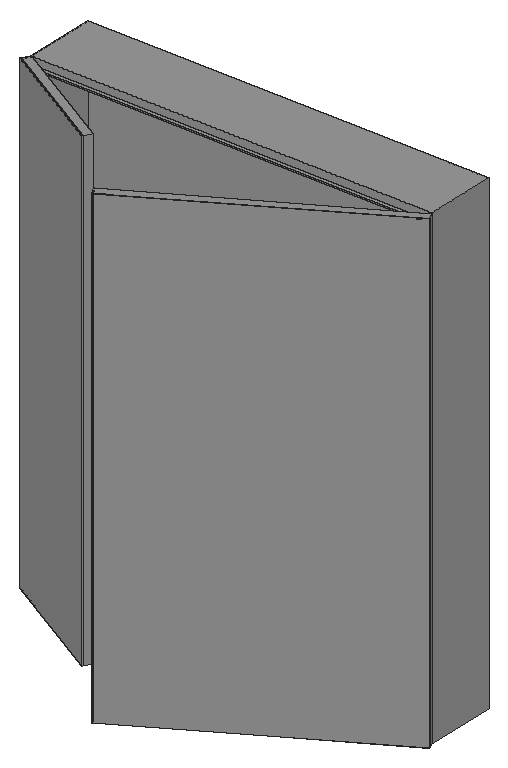
Revit family "Hager-Univers-IP44-D161-Cl.II-FWB-encl--NoHosted-AT-de", category Equipement électrique, Revit 2020
Family settings
  Configuration du panneau = Deux colonnes, circuits au sein
  Cote de connecteur circulaire = Utiliser le diamètre
  Type d'élément = Tableau de raccordement
  Basée sur le plan de construction = Oui
  Toujours verticalement = Oui
  Couper avec des vides une fois chargée = Non
  Partagée = Non
  Point de calcul de pièce = Non
Parameters (values of type "Aufputz IP44 B800 H950 T161  - FWB63D")
  Width Control [instance] = if([EF000008 - Breite] > Min Width, [EF000008 - Breite], Min Width)  # 800 mm
  Commentaires du type = [HG000003 - Bereich]  # "Univers"
  Thickness Door [instance] = if([EF009171 - Materialstärke Tür/Deckel] > 3 mm, 3 mm, [EF009171 - Materialstärke Tür/Deckel])  # 1 mm
  Seal Frame Offset [instance] = 17 mm  # constant formula
  Plinth Visibility [instance] = [HG000027 - Sockelhöhe] > 0 mm  # no
  Min Width [instance] = 100 mm  # constant formula
  Min Depth [instance] = (2 * [EF009170 - Materialstärke Gehäuse]) + 1 mm  # 3 mm
  Min Height [instance] = 100 mm  # constant formula
  Internal Frame Depth [instance] = (Door System Depth * 0.5)  # 9 mm
  Panel Name [instance] = ""  # (empty or 0)
  Model = ""
  HG000027 - Sockelhöhe = 0 mm
  HG000026 - Stehend auf dem Boden = no
  HG000024 - Höhe des unteren Teils = 600 mm
  HG000023 - Gehäuse mit doppeltem Querschnitt = no
  HG000016 - 3D-Türsichtbarkeit [instance] = yes
  HG000015 - Sichtbarkeit der Türöffnung [instance] = no
  HG000014 - Tür rechts [instance] = yes
  HG000013 - Tür links [instance] = not([HG000014 - Tür rechts])  # no
  HG000012 - Türschwenkwinkel [instance] = 30.00°
  HG000010 - Asymmetrische Türen = yes
  HG000009 - Doppelflügeligen Tür = yes
  HG000006 - Unterputz = no
  HG000004 - Herstellerreferenz = "FWB63D"
  HG000003 - Bereich = "Univers"
  HG000002 - Mit tür = yes
  Frame Offset Bottom [instance] = 10 mm  # constant formula
  Frame Offset [instance] = 15 mm  # constant formula
  EF015940 - Deckel mit Überdruckentlastung = no
  EF011959 - Schutzart (NEMA) = ""
  EF009554 - Anzahl der Öffnungen für Flanschplatten = 6
  EF009212 - Ausführung Deckel = "EV000116 - geschlossen"
  EF009171 - Materialstärke Tür/Deckel = 1 mm
  EF009170 - Materialstärke Gehäuse = 1 mm
  EF008873 - Nennstrom (In) = 125 A
  EF007800 - Geeignet für Blitzschutz = no
  EF006306 - Mit Schloss = no
  EF006244 - Transparenter Deckel/Tür = no
  EF005474 - Schutzart (IP) = "EV006418 - IP44"
  EF004464 - Art der Tür = "EV000494 - ohne"
  EF004427 - Anzahl der Module = 216
  EF004293 - Schlagfestigkeit = "EV006815 - IK09"
  EF003532 - Geeignet für Außengebrauch = no
  EF002950 - Breite in Teilungseinheiten = 12
  EF001613 - Funktionserhalt = "EV000494 - ohne"
  EF001596 - Werkstoff des Gehäuses = "EV000179 - Stahl"
  EF001131 - Innentiefe = 156 mm
  EF001088 - Anbaumöglichkeit = yes
  EF000437 - Anzahl der Leitungseinführungen = 12
  EF000339 - Art der Abdeckung = "EV004216 - Tür"
  EF000266 - Anzahl der Reihen = 0
  EF000218 - Einbautiefe = 0 mm
  EF000118 - Mit Montageplatte = no
  EF000116 - RAL-Nummer = "9010"
  EF000049 - Tiefe = 161 mm
  EF000040 - Höhe = 950 mm
  EF000008 - Breite = 800 mm
  EF000007 - Farbe = "EV000202 - weiß"
  EF000003 - Montageart = "EV000384 - Aufputz"
  Door System Leaf Tolerance [instance] = 1.5 mm  # constant formula
  Door System Depth [instance] = 18 mm  # constant formula
  Door Height [instance] = Height Control - [HG000027 - Sockelhöhe]  # 950 mm
  Description = ""
  Default Elevation = 1219.2 mm
  Connector Offset [instance] = Height Control / 2  # 475 mm
  Fabricant = "Hager"  # constant formula
  Height Control [instance] = if([EF000040 - Höhe] > Min Height, [EF000040 - Höhe], Min Height)  # 950 mm
  Depth Control [instance] = if([EF000049 - Tiefe] > Min Depth, [EF000049 - Tiefe], Min Depth)  # 161 mm
  Bottom Top Plate Trim [instance] = 1.5 mm  # constant formula
  Plinth height Ctrl [instance] = if([HG000027 - Sockelhöhe] > 0 mm, [HG000027 - Sockelhöhe], 12 mm)  # 12 mm
Types (21, lengths in mm): name | Width Control | Thickness Door | Min Depth | HG000010 - Asymmetrische Türen | HG000009 - Doppelflügeligen Tür | HG000004 - Herstellerreferenz | EF009554 - Anzahl der Öffnungen für Flanschplatten | EF009212 - Ausführung Deckel | EF009171 - Materialstärke Tür/Deckel | EF009170 - Materialstärke Gehäuse | EF004464 - Art der Tür | EF004427 - Anzahl der Module | EF001131 - Innentiefe | EF000437 - Anzahl der Leitungseinführungen | EF000339 - Art der Abdeckung | EF000266 - Anzahl der Reihen | EF000118 - Mit Montageplatte | EF000040 - Höhe | EF000008 - Breite | Door Height | Connector Offset | Height Control
  Aufputz IP44 B1050 H1100 T161  - FWB74D | 1050 | 1 | 3 | no | yes | "FWB74D" | 8 | "EV000116 - geschlossen" | 1 | 1 | "EV000494 - ohne" | 336 | 160 | 16 | "EV000494 - ohne" | 0 | no | 1100 | 1050 | 1100 | 550 | 1100
  Aufputz IP44 B1050 H500 T161  - FWB34D | 1050 | 1 | 3 | no | yes | "FWB34D" | 8 | "EV000116 - geschlossen" | 1 | 1 | "EV003602 - Doppel" | 144 | 156 | 16 | "EV004216 - Tür" | 0 | no | 500 | 1050 | 500 | 250 | 500
  Aufputz IP44 B1050 H650 T161  - FWB44D | 1050 | 1 | 3 | no | yes | "FWB44D" | 8 | "EV000116 - geschlossen" | 1 | 1 | "EV003602 - Doppel" | 192 | 156 | 16 | "EV004216 - Tür" | 0 | no | 650 | 1050 | 650 | 325 | 650
  Aufputz IP44 B1050 H800 T161  - FWB54D | 1050 | 1 | 3 | no | yes | "FWB54D" | 8 | "EV000116 - geschlossen" | 1 | 1 | "EV002646 - Einzel" | 240 | 156 | 16 | "EV004216 - Tür" | 0 | no | 800 | 1050 | 800 | 400 | 800
  Aufputz IP44 B1050 H950 T161  - FWB64D | 1050 | 1 | 3 | no | yes | "FWB64D" | 8 | "EV000116 - geschlossen" | 1 | 1 | "EV003602 - Doppel" | 288 | 156 | 16 | "EV004216 - Tür" | 0 | no | 950 | 1050 | 950 | 475 | 950
  Aufputz IP44 B300 H1100 T161  - FWB71D | 300 | 1 | 3 | no | no | "FWB71D" | 2 | "EV000116 - geschlossen" | 1 | 1 | "EV000494 - ohne" | 84 | 160 | 4 | "EV004216 - Tür" | 0 | no | 1100 | 300 | 1100 | 550 | 1100
  Aufputz IP44 B300 H1250 T161  - FWB81D | 300 | 1 | 3 | no | no | "FWB81D" | 2 | "EV000116 - geschlossen" | 1 | 1 | "EV000494 - ohne" | 12 | 161 | 4 | "EV004216 - Tür" | 8 | no | 1250 | 300 | 1250 | 625 | 1250
  Aufputz IP44 B300 H500 T161  - FWQ31P | 300 | 2 | 5 | no | no | "FWQ31P" | 2 | "EV009916 - mit Ausschnitt" | 2 | 2 | "EV002646 - Einzel" | 36 | 161 | 4 | "EV001012 - Deckel" | 1 | yes | 500 | 300 | 500 | 250 | 500
  Aufputz IP44 B300 H650 T161  - FWB41D | 300 | 2 | 5 | no | no | "FWB41D" | 2 | "EV000116 - geschlossen" | 2 | 2 | "EV000494 - ohne" | 48 | 160 | 4 | "EV004216 - Tür" | 0 | no | 650 | 300 | 650 | 325 | 650
  Aufputz IP44 B300 H800 T161  - FWB51D | 300 | 1 | 3 | no | no | "FWB51D" | 2 | "EV000116 - geschlossen" | 1 | 1 | "EV000494 - ohne" | 60 | 160 | 4 | "EV004216 - Tür" | 0 | no | 800 | 300 | 800 | 400 | 800
  Aufputz IP44 B300 H950 T161  - FWB61D | 300 | 1 | 3 | no | no | "FWB61D" | 2 | "EV000116 - geschlossen" | 1 | 1 | "EV000494 - ohne" | 72 | 160 | 4 | "EV004216 - Tür" | 0 | no | 950 | 300 | 950 | 475 | 950
  Aufputz IP44 B550 H1100 T161  - FWB72D | 550 | 1 | 3 | no | no | "FWB72D" | 4 | "EV000116 - geschlossen" | 1 | 1 | "EV000494 - ohne" | 168 | 160 | 8 | "EV004216 - Tür" | 0 | no | 1100 | 550 | 1100 | 550 | 1100
  Aufputz IP44 B550 H500 T161  - FWB32D | 550 | 2 | 5 | no | no | "FWB32D" | 4 | "EV000116 - geschlossen" | 2 | 2 | "EV002646 - Einzel" | 72 | 156 | 8 | "EV000494 - ohne" | 0 | no | 500 | 550 | 500 | 250 | 500
  Aufputz IP44 B550 H650 T161  - FWB42D | 550 | 1 | 3 | no | no | "FWB42D" | 4 | "EV000116 - geschlossen" | 1 | 1 | "EV000494 - ohne" | 96 | 160 | 8 | "EV004216 - Tür" | 0 | no | 650 | 550 | 650 | 325 | 650
  Aufputz IP44 B550 H800 T161  - FWB52D | 550 | 1 | 3 | no | no | "FWB52D" | 4 | "EV000116 - geschlossen" | 1 | 1 | "EV000494 - ohne" | 120 | 160 | 8 | "EV004216 - Tür" | 0 | no | 800 | 550 | 800 | 400 | 800
  Aufputz IP44 B550 H950 T161  - FWB62D | 550 | 1 | 3 | no | no | "FWB62D" | 4 | "EV000116 - geschlossen" | 1 | 1 | "EV000494 - ohne" | 144 | 160 | 8 | "EV004216 - Tür" | 0 | no | 950 | 550 | 950 | 475 | 950
  Aufputz IP44 B800 H1100 T161  - FWB73D | 800 | 1 | 3 | yes | yes | "FWB73D" | 6 | "EV000116 - geschlossen" | 1 | 1 | "EV003602 - Doppel" | 252 | 156 | 12 | "EV004216 - Tür" | 0 | no | 1100 | 800 | 1100 | 550 | 1100
  Aufputz IP44 B800 H500 T161  - FWB33D | 800 | 1 | 3 | yes | yes | "FWB33D" | 6 | "EV000116 - geschlossen" | 1 | 1 | "EV000494 - ohne" | 108 | 160 | 12 | "EV004216 - Tür" | 0 | no | 500 | 800 | 500 | 250 | 500
  Aufputz IP44 B800 H650 T161  - FWB43D | 800 | 1 | 5 | yes | yes | "FWB43D" | 6 | "EV009916 - mit Ausschnitt" | 1 | 2 | "EV000494 - ohne" | 144 | 160 | 12 | "EV004216 - Tür" | 0 | no | 650 | 800 | 650 | 325 | 650
  Aufputz IP44 B800 H800 T161  - FWB53D | 800 | 1 | 5 | yes | yes | "FWB53D" | 6 | "EV000116 - geschlossen" | 1 | 2 | "EV000494 - ohne" | 180 | 160 | 12 | "EV004216 - Tür" | 0 | no | 800 | 800 | 800 | 400 | 800
  Aufputz IP44 B800 H950 T161  - FWB63D | 800 | 1 | 3 | yes | yes | "FWB63D" | 6 | "EV000116 - geschlossen" | 1 | 1 | "EV000494 - ohne" | 216 | 156 | 12 | "EV004216 - Tür" | 0 | no | 950 | 800 | 950 | 475 | 950
Reference planes
  plane 1 "Center (Front/Back)": y = 0
  plane 2: z = 0
  plane 3 "Center (Left/Right)": x = 0
  plane 4: y = 0
  plane 5: y = 0
  plane 6: z = 0
  plane 7: x = -400
  plane 8: x = 400
  plane 9: x = 399
  plane 10: x = -399
  plane 11: z = 0
  plane 12: z = 1
  plane 13: y = -161
  plane 14: y = -1
  plane 15: x = 0
  plane 16: y = -143
  plane 17: y = -160
  plane 18: y = -142
  plane 19: x = -384
  plane 20: x = 384
  plane 21: z = 11
  plane 22: x = -383
  plane 23: x = 383
  plane 24: z = 0
  plane 25: z = 950
  plane 26: z = 950
  plane 27: z = 934
  plane 28: z = 949
Forms (mm)
  Extrusion 1, solid, material "Hager_Steel_RAL7035_Light_Grey", detail levels medium+fine
    sketch origin (-208.679, -4572, 0) x (-1, 0, 0) y (0, -1, 0)
      loop
        line (191.321, -4429) -> (-608.679, -4429) -> (-608.679, -4572) -> (191.321, -4572) -> (191.321, -4429)
    from 0 to 950
  Extrusion 2, void
    sketch origin (-350.771, -161, 1219.2) x (1, 0, 0) y (0, 0, 1)
      loop
        line (-48.229, -270.2) -> (-48.229, -1218.2) -> (749.771, -1218.2) -> (749.771, -270.2) -> (-48.229, -270.2)
    from -19 to -160
  Extrusion 3, void
    sketch origin (-290.084, -143, 1219.2) x (1, 0, 0) y (0, 0, 1)
      loop
        line (-93.916, -1208.2) -> (674.084, -1208.2) -> (674.084, -285.2) -> (-93.916, -285.2) -> (-93.916, -1208.2)
    from 0 to -1
  Extrusion 4, solid, material "Hager_Steel_RAL7035_Light_Grey", visible <- "Plinth Visibility", detail levels medium+fine
    sketch origin (0, 0, 0) x (1, 0, 0) y (0, 1, 0)
      loop
        line (-400, 0) -> (-400, -143) -> (400, -143) -> (400, 0) -> (-400, 0)
    from 0 to 12 <- "Plinth height Ctrl"
  Extrusion 5, solid, material "Hager_Steel_RAL7035_Light_Grey", detail levels coarse
    sketch origin (0, 0, 0) x (1, 0, 0) y (0, 1, 0)
      loop
        line (-400, 0) -> (-400, -161) -> (400, -161) -> (400, 0) -> (-400, 0)
    from 0 to 950 <- "Height Control"
  Sweep 6, void
    path in 3D
      loop
        line (-400, -143, 12) -> (400, -143, 12) -> (400, 0, 12) -> (-400, 0, 12) -> (-400, -143, 12)
    profile origin (-400, -71.5, 12) x (1, 0, 0) y (0, 0, 1)
      loop
        line (0, 0) -> (0, -1.5) -> (1.5, -1.5)
        arc (1.5, -1.5) -> (1.061, -0.439) -> (0, 0) r 1.5
  Extrusion 7, solid, material "Hager_Steel_RAL7035_Light_Grey", detail levels fine
    sketch origin (-400, -143, 0) x (1, 0, 0) y (0, 0, 1)
      loop
        line (16, 11) -> (784, 11) -> (784, 934) -> (16, 934) -> (16, 11)
      loop
        line (15, 10) -> (785, 10) -> (785, 935) -> (15, 935) -> (15, 10)
    from 0 to 9 <- "Internal Frame Depth"
Cuts and joins
  Extrusion 2, Extrusion 3 cuts Extrusion 1
  Sweep 6 cuts Extrusion 4
Lines and regions (mm)
  Masking region 1
    outline origin (0, 0, 0) x (1, 0, 0) y (0, 1, 0)
      loop
        line (-400, 0) -> (-400, -161) -> (400, -161) -> (400, 0) -> (-400, 0)
  Masking region 2, detail levels coarse
    outline origin (-290.084, -143, 1219.2) x (-1, 0, 0) y (0, 0, 1)
      loop
        line (-690.084, -1219.2) -> (109.916, -1219.2) -> (109.916, -269.2) -> (-690.084, -269.2) -> (-690.084, -1219.2)
  Masking region 3, detail levels coarse
    outline origin (0, 0, 0) x (0, 1, 0) y (0, 0, 1)
      loop
        line (0, 0) -> (0, 950) -> (-161, 950) -> (-161, 0) -> (0, 0)
  Masking region 4, visible <- "Plinth Visibility", detail levels medium+fine
    outline origin (0, 0, 0) x (0, 1, 0) y (0, 0, 1)
      loop
        line (-1.5, 12) -> (-141.5, 12)
        arc (-141.5, 12) -> (-141.939, 10.939) -> (-143, 10.5) r 1.5
        line (-143, 10.5) -> (-143, 0) -> (0, 0) -> (0, 10.5)
        arc (0, 10.5) -> (-1.061, 10.939) -> (-1.5, 12) r 1.5
  Masking region 5, detail levels medium+fine
    outline origin (0, 0, 594.038) x (0, 1, 0) y (0, 0, 1)
      loop
        line (0, -594.038) -> (0, 355.962) -> (-143, 355.962) -> (-143, -594.038) -> (0, -594.038)
  Masking region 6, detail levels medium+fine
    outline origin (-359.7, -143, 1211.883) x (-1, 0, 0) y (0, 0, 1)
      loop
        line (-759.7, -1211.883) -> (40.3, -1211.883) -> (40.3, -261.883) -> (-759.7, -261.883) -> (-759.7, -1211.883)
  Masking region 7, visible <- "Plinth Visibility", detail levels medium+fine
    outline origin (-320.334, -143, 1041.368) x (-1, 0, 0) y (0, 0, 1)
      loop
        line (-720.334, -1041.368) -> (79.666, -1041.368) -> (79.666, -1030.868)
        arc (79.666, -1030.868) -> (78.606, -1030.429) -> (78.166, -1029.368) r 1.5
        line (78.166, -1029.368) -> (-718.834, -1029.368)
        arc (-718.834, -1029.368) -> (-719.273, -1030.429) -> (-720.334, -1030.868) r 1.5
        line (-720.334, -1030.868) -> (-720.334, -1041.368)
  sketch lines
    curve 1: line (-400, 0, 12) -> (-400, -143, 12)
    curve 2: line (-400, -143, 12) -> (400, -143, 12)
    curve 3: line (400, 0, 12) -> (-400, 0, 12)
    curve 4: line (400, -143, 12) -> (400, 0, 12)
Dimensions and locks
  locked: plane 1 "Center (Front/Back)" to plane 5
  "EF009170 - Materialstärke Gehäuse": plane 7 to plane 10
  "EF009170 - Materialstärke Gehäuse": plane 8 to plane 9
  equal spacing: plane 7, plane 3 "Center (Left/Right)", plane 8
  "Width Control": plane 7 to plane 8
  "Depth Control": plane 4 to plane 13
  "EF009170 - Materialstärke Gehäuse": plane 4 to plane 14
  "Height Control": plane 25 to level
  "HG000027 - Sockelhöhe": plane 11 to level
  "EF009170 - Materialstärke Gehäuse": plane 12 to plane 11
  "EF009170 - Materialstärke Gehäuse": plane 17 to plane 13
  "EF009170 - Materialstärke Gehäuse": plane 18 to plane 16
  "Frame Offset Bottom": plane 21 to plane 12
  "Frame Offset": plane 10 to plane 19
  "Frame Offset": plane 9 to plane 20
  "Door System Depth": plane 16 to plane 13
  "Seal Frame Offset": plane 7 to plane 22
  "Seal Frame Offset": plane 8 to plane 23
  "EF009170 - Materialstärke Gehäuse": plane 26 to plane 28
  "Frame Offset": plane 28 to plane 27
  "Connector Offset": plane 2 to connector elem
  "Bottom Top Plate Trim": profile plane to Sweep 6 sketch curve
  "Bottom Top Plate Trim": Sweep 6 sketch curve to Sweep 6 sketch curve
  "Plinth height Ctrl": Masking region 4 sketch curve to level
  "Plinth height Ctrl": Masking region 7 sketch curve to level
  "Thickness Door": Extrusion 7 sketch curve to Extrusion 7 sketch curve  (x4)
  "Bottom Top Plate Trim": radius of Sweep 6 sketch curve
  "Bottom Top Plate Trim": radius of Masking region 4 sketch curve  (x2)
  "Bottom Top Plate Trim": radius of Masking region 7 sketch curve  (x2)
  aligned and locked: Extrusion 2 sketch curve to plane 12
  aligned and locked: Extrusion 2 sketch curve to plane 9
  aligned and locked: Extrusion 2 sketch curve to plane 10
  aligned and locked: Extrusion 2 to plane 14
  aligned and locked: Extrusion 1 sketch curve to plane 4
  aligned and locked: plane 8 to Extrusion 1 sketch curve
  aligned and locked: plane 7 to Extrusion 1 sketch curve
  aligned and locked: Extrusion 2 to plane 18
  aligned and locked: Extrusion 3 sketch curve to plane 19
  aligned and locked: plane 20 to Extrusion 3 sketch curve
  aligned and locked: Extrusion 3 to Extrusion 2
  aligned and locked: Extrusion 3 sketch curve to plane 21
  aligned and locked: plane 3 "Center (Left/Right)" to nested 1
  aligned and locked: Extrusion 1 sketch curve to plane 16
  aligned and locked: Extrusion 4 sketch curve to cut or joined group of Extrusion 1, Extrusion 2, Extrusion 3
  aligned and locked: Masking region 1 sketch curve to plane 7
  aligned and locked: Masking region 1 sketch curve to plane 5
  aligned and locked: Masking region 1 sketch curve to plane 8
  aligned and locked: Masking region 2 sketch curve to level
  aligned and locked: level to Masking region 3 sketch curve
  aligned and locked: plane 1 "Center (Front/Back)" to Masking region 3 sketch curve
  aligned and locked: plane 13 to Masking region 3 sketch curve
  aligned and locked: plane 5 to Masking region 4 sketch curve
  aligned and locked: Masking region 2 sketch curve to plane 8
  aligned and locked: Masking region 2 sketch curve to plane 7
  aligned and locked: plane 7 to nested 2
  aligned and locked: nested 2 to plane 5
  aligned and locked: plane 5 to Masking region 5 sketch curve
  aligned and locked: plane 26 to Masking region 5 sketch curve
  aligned and locked: Extrusion 5 sketch curve to plane 8
  aligned and locked: Extrusion 5 sketch curve to plane 7
  aligned and locked: Extrusion 5 sketch curve to plane 5
  aligned and locked: Extrusion 3 sketch curve to plane 27
  aligned and locked: Extrusion 2 sketch curve to plane 28
  aligned and locked: Masking region 2 to plane 25
  aligned and locked: Extrusion 4 to plane 16
  aligned and locked: profile plane to Sweep 6 sketch curve
  aligned and locked: Masking region 5 sketch curve to plane 24
  aligned and locked: level to Masking region 4 sketch curve
  aligned and locked: Masking region 1 to plane 13
  aligned and locked: nested 1 to plane 16
  aligned and locked: Masking region 3 to plane 25
  aligned and locked: plane 16 to Masking region 4 sketch curve
  aligned and locked: Masking region 5 sketch curve to plane 16
  aligned and locked: plane 24 to plane 11
  aligned and locked: plane 26 to plane 25
  aligned and locked: plane 26 to cut or joined group of Extrusion 1, Extrusion 2, Extrusion 3
  aligned and locked: nested 1 to plane 24
  aligned and locked: Extrusion 1 to Extrusion 3
  aligned and locked: Masking region 6 sketch curve to plane 8
  aligned and locked: Masking region 6 sketch curve to plane 24
  aligned and locked: Masking region 6 sketch curve to plane 7
  aligned and locked: Masking region 6 sketch curve to plane 26
  aligned and locked: Masking region 7 sketch curve to plane 7
  aligned and locked: level to Masking region 7 sketch curve
  aligned and locked: Masking region 7 sketch curve to plane 8
  aligned and locked: Extrusion 7 sketch curve to cut or joined group of Extrusion 1, Extrusion 2, Extrusion 3  (x4)
Automatic sketch dimensions
  plane 19 to Extrusion 3 sketch curve = 0 mm
  Extrusion 3 sketch curve to plane 20 = 0 mm
  Extrusion 3 sketch curve to plane 21 = 0 mm
  Extrusion 4 sketch curve to plane 7 = 0 mm
  Extrusion 4 sketch curve to plane 8 = 0 mm
  Extrusion 4 sketch curve to plane 16 = 0 mm
  Masking region 1 sketch curve to plane 13 = 0 mm
  Masking region 2 sketch curve to plane 25 = 0 mm
  Masking region 3 sketch curve to plane 25 = 0 mm
  Extrusion 5 sketch curve to plane 13 = 0 mm
  profile plane to Sweep 6 sketch curve = 0 mm
Nested families
  nested 1: "EC000058_Univers_Door" at (0, -143, 0), Double <- "HG000009 - Doppelflügeligen Tür", Transparent <- "EF006244 - Transparenter Deckel/Tür", Angle <- "HG000012 - Türschwenkwinkel", Door_Right <- "HG000014 - Tür rechts", Assymetrical <- "HG000010 - Asymmetrische Türen", Door <- "HG000002 - Mit tür", Width_Ctrl <- "Width Control", 3d_Door <- "HG000016 - 3D-Türsichtbarkeit", Clearance <- "HG000015 - Sichtbarkeit der Türöffnung", Door_Left <- "HG000013 - Tür links", Width <- "Width Control", Door_Depth <- "Door System Depth", Leaf_Tolerance <- "Door System Leaf Tolerance", Height <- "Door Height", Lock_Visibility <- "EF006306 - Mit Schloss", Thickness <- "Thickness Door", type "EC000058_Univers_Door", detail levels medium+fine
    with min_wh 3 mm, Width_Ctrl 800 mm, Width 800 mm, Transparent no, Thickness 1 mm, Seal_Material Hager_Rubber, Lock_Visibility no, Lock_Material Hager_Plastic_RAL9005_Jet_Black, Leaf_Width 800 mm, Leaf_Tolerance_External_Sides 0 mm, Leaf_Tolerance 1.5 mm, Leaf_Offset 0 mm, Leaf_Height 947 mm, Leaf_2_Width 532.583 mm, Leaf_2_Offset 266.292 mm, Leaf_1_Width 265.917 mm, Leaf_1_Offset 132.958 mm, Height_Ctrl 950 mm, Height 950 mm, Glass_Material Hager_Glass, Double_Clearance_Ctrl no, Double yes, Door_Right_Ctrl yes, Door_Right yes, Door_Material Hager_Steel_RAL7035_Light_Grey, Door_Left_Ctrl yes, Door_Left no, Door_Depth 18 mm, Door yes, Clearance_Material Hager_Clearance, Clearance_Depth 532.583 mm, Clearance_Ctrl no, Clearance no, Assymetrical yes, Angle 30.00°, 3d_Door yes
  nested 2: "Hager_Enclosure_Symbol" at (-400, 0, 0), Height <- "Depth Control", Width <- "Width Control", type "Hager_Enclosure_Symbol"
    with Width_Ctrl 800 mm, Width 800 mm, Height_Ctrl 161 mm, Height 161 mm, A_Width_Int 10.566 mm, A_Width 126.788 mm, A_Height_Ctrl 140.875 mm, A_Height 140.875 mm
Connectors
  electrical at (0, 0, 475)
    settings: on plane 1 "Center (Front/Back)", index 1, voltage 0 V, apparent load 0 VA, apparent load phase1 0 VA, apparent load phase2 0 VA, apparent load phase3 0 VA, power factor 1, load classification "Other", number of poles 1, system type 30, power factor state 1, is connector primary yes, connector utility no, sub classification motor no, connector description ""
Definition of nested family "EC000058_Univers_Door"
  Parameters (values of type "EC000058_Univers_Door")
    min_wh [instance] = (2 * Thickness) + 1 mm  # 11 mm
    Width_Ctrl [instance] = 400 mm
    Width [instance] = 500 mm
    Transparent [instance] = yes
    Thickness [instance] = 5 mm
    Seal_Material [instance] = none
    Lock_Visibility [instance] = yes
    Lock_Material [instance] = none
    Leaf_Width [instance] = if((Width_Ctrl - 2 * Leaf_Tolerance_External_Sides) > 0 mm, (Width_Ctrl - 2 * Leaf_Tolerance_External_Sides), min_wh)  # 400 mm
    Leaf_Tolerance_External_Sides [instance] = 0 mm  # constant formula
    Leaf_Tolerance [instance] = 1.5 mm
    Leaf_Offset [instance] = 0 mm  # constant formula
    Leaf_Height [instance] = if((Height_Ctrl - 2 * Leaf_Tolerance) > 0 mm, (Height_Ctrl - 2 * Leaf_Tolerance), min_wh)  # 497 mm
    Leaf_2_Width [instance] = if(and(and(Double, Assymetrical), Door_Left), (Leaf_Width / 3) - (Leaf_Tolerance / 2), if(and(and(Double, Assymetrical), Door_Right), (Leaf_Width / 3) * 2 - (Leaf_Tolerance / 2), if(and(Double, not(Assymetrical)), (Leaf_Width / 2) - Leaf_Tolerance, Leaf_Width)))  # 400 mm
    Leaf_2_Offset [instance] = if(and(Double, Assymetrical), Leaf_2_Width / 2, if(and(Double, not(Assymetrical)), Leaf_Width / 4, Leaf_Width / 2))  # 200 mm
    Leaf_1_Width [instance] = if(and(and(Double, Assymetrical), Door_Right), (Leaf_Width / 3) - (Leaf_Tolerance / 2), if(and(and(Double, Assymetrical), Door_Left), (Width / 3) * 2 - (Leaf_Tolerance / 2), if(and(Double, not(Assymetrical)), (Leaf_Width / 2) - Leaf_Tolerance, Leaf_Width)))  # 400 mm
    Leaf_1_Offset [instance] = if(and(Double, Assymetrical), Leaf_1_Width / 2, if(and(Double, not(Assymetrical)), Leaf_Width / 4, Leaf_Width / 2))  # 200 mm
    Height_Ctrl [instance] = if(Height > min_wh, Height, min_wh)  # 500 mm
    Height [instance] = 500 mm
    Glass_Material [instance] = none
    Double_Clearance_Ctrl [instance] = and(Double, Clearance)  # no
    Double [instance] = no
    Door_Right_Ctrl [instance] = and(or(Door_Right, Double), Door)  # yes
    Door_Right [instance] = yes
    Door_Material [instance] = none
    Door_Left_Ctrl [instance] = and(or(Door_Left, Double), Door)  # no
    Door_Left [instance] = no
    Door_Depth [instance] = 30 mm
    Door [instance] = yes
    Default Elevation = 1219.2 mm
    Clearance_Material [instance] = none
    Clearance_Depth [instance] = if(Leaf_1_Width > Leaf_2_Width, Leaf_1_Width, Leaf_2_Width)  # 400 mm
    Clearance_Ctrl [instance] = and(not(Double), Clearance)  # yes
    Clearance [instance] = yes
    Assymetrical [instance] = yes
    Angle [instance] = 30.00°
    3d_Door [instance] = yes
  Reference planes
    plane 1 "Center (Front/Back)": y = 0
    plane 2 "Bottom": z = 0
    plane 3 "Center (Left/Right)": x = 0
    plane 4: z = 500
    plane 5: x = -200
    plane 6: x = 200
    plane 7: z = 500
    plane 8: x = -200
    plane 9: z = 0
    plane 10: x = 200
    plane 11: y = 0
    plane 12: z = 1.5
    plane 13: x = -600
    plane 14: y = -400
    plane 15: x = 600
    plane 16: x = 0
    plane 17: x = 0
    plane 18: x = -200
    plane 19: x = 200
    plane 20: z = 498.5
  Forms (mm)
    Extrusion 1, solid, material <- "Clearance_Material", visible <- "Double_Clearance_Ctrl"
      sketch origin (1200, 0, 0) x (1, 0, 0) y (0, 0, -1)
        loop
          line (-1800, -498.5) -> (-600, -498.5) -> (-600, 0) -> (-1800, 0) -> (-1800, -498.5)
      from 0 to -400
  Dimensions and locks
    equal spacing: plane 5, plane 3 "Center (Left/Right)", plane 6
    "Width_Ctrl": plane 5 to plane 6
    "Leaf_Offset": plane 5 to plane 8
    "Leaf_Offset": plane 6 to plane 10
    "Leaf_Offset": plane 9 to level
    "Leaf_Offset": plane 4 to plane 7
    "Height_Ctrl": plane 4 to level
    "Leaf_Tolerance": plane 12 to plane 9
    locked: plane 11 to plane 1 "Center (Front/Back)"
    "Leaf_1_Offset": plane 18 to plane 16
    "Leaf_2_Offset": plane 17 to plane 19
    "Leaf_1_Width": plane 13 to plane 8
    "Leaf_2_Width": plane 10 to plane 15
    "Clearance_Depth": plane 14 to plane 1 "Center (Front/Back)"
    "Leaf_Tolerance_External_Sides": plane 8 to plane 18
    "Leaf_Tolerance_External_Sides": plane 19 to plane 10
    "Leaf_Tolerance": plane 7 to plane 20
    aligned and locked: level to plane 2 "Bottom"
    aligned and locked: nested 1 to plane 16
    aligned and locked: nested 2 to plane 17
    aligned and locked: Extrusion 1 to plane 13
    aligned and locked: plane 15 to Extrusion 1
    aligned and locked: Extrusion 1 to plane 14
    aligned and locked: plane 12 to nested 1
    aligned and locked: nested 2 to plane 12
    aligned and locked: Extrusion 1 to plane 11
    aligned and locked: plane 20 to Extrusion 1
    aligned and locked: nested 2 to plane 11
    aligned and locked: nested 1 to plane 11
  Automatic sketch dimensions
    Extrusion 1 sketch curve to level = 0 mm
    plane 5 to Extrusion 1 sketch curve = 400 mm
    plane 6 to Extrusion 1 sketch curve = 400 mm
    Extrusion 1 sketch curve to plane 4 = 1.5 mm
  Nested families
    nested 1: "EC000058_Univers_Door_Leaf" at (0, 0, 1.5), Width <- "Leaf_1_Width", visible <- "Door_Left_Ctrl", Leaf_Height <- "Leaf_Height", Angle <- "Angle", 3d_Door <- "3d_Door", Transparent <- "Transparent", Clearance Material <- "Clearance_Material", Clearance <- "Clearance_Ctrl", Door_Material <- "Door_Material", Glass_Material <- "Glass_Material", Door_Depth <- "Door_Depth", Lock_Material <- "Lock_Material", Seal_Material <- "Seal_Material", Lock_Visibility <- "Lock_Visibility", Thickness <- "Thickness", type "EC000058_Univers_Door_Leaf"
      with Width 400 mm, Transparent_Glass_Offset 30 mm, Transparent_Ctrl yes, Transparent yes, Thickness 5 mm, Standard no, Seal_Material none, Seal_D2 8 mm, Seal_D1 1 mm, Offset_Internal_Frame 10 mm, Lock_Width 20 mm, Lock_Visibility_3d yes, Lock_Visibility yes, Lock_Thickness_3 3 mm, Lock_Thickness_2 1 mm, Lock_Thickness_1 3 mm, Lock_Radius_Offset_2 16 mm, Lock_Radius_Offset_1 15 mm, Lock_Radius_2 5 mm, Lock_Radius 6 mm, Lock_Offset 5 mm, Lock_Material none, Lock_Height 80 mm, Lock_Cover_Top_Offset_2d 17 mm, Lock_Cover_Height -65 mm, Leaf_Height 497 mm, Internal_Seal_Thickness 8 mm, Internal_Seal_Depth_2 4.5 mm, Internal_Frame_Depth 25 mm, Glass_Thickness -1 mm, Glass_Offset -2 mm, Glass_Material none, Door_Material none, Door_Depth 30 mm, Clearance Material none, Clearance yes, Angle_Ctrl 30.00°, Angle 30.00°, 3d_Door yes
    nested 2: "EC000058_Univers_Door_Leaf" at (0, 0, 1.5) x (-1, 0, 0) z (0, 0, 1), Width <- "Leaf_2_Width", visible <- "Door_Right_Ctrl", Leaf_Height <- "Leaf_Height", Angle <- "Angle", 3d_Door <- "3d_Door", Transparent <- "Transparent", Clearance Material <- "Clearance_Material", Clearance <- "Clearance_Ctrl", Door_Material <- "Door_Material", Glass_Material <- "Glass_Material", Door_Depth <- "Door_Depth", Lock_Material <- "Lock_Material", Seal_Material <- "Seal_Material", Lock_Visibility <- "Lock_Visibility", Thickness <- "Thickness", type "EC000058_Univers_Door_Leaf"
      with Width 400 mm, Transparent_Glass_Offset 30 mm, Transparent_Ctrl yes, Transparent yes, Thickness 5 mm, Standard no, Seal_Material none, Seal_D2 8 mm, Seal_D1 1 mm, Offset_Internal_Frame 10 mm, Lock_Width 20 mm, Lock_Visibility_3d yes, Lock_Visibility yes, Lock_Thickness_3 3 mm, Lock_Thickness_2 1 mm, Lock_Thickness_1 3 mm, Lock_Radius_Offset_2 16 mm, Lock_Radius_Offset_1 15 mm, Lock_Radius_2 5 mm, Lock_Radius 6 mm, Lock_Offset 5 mm, Lock_Material none, Lock_Height 80 mm, Lock_Cover_Top_Offset_2d 17 mm, Lock_Cover_Height -65 mm, Leaf_Height 497 mm, Internal_Seal_Thickness 8 mm, Internal_Seal_Depth_2 4.5 mm, Internal_Frame_Depth 25 mm, Glass_Thickness -1 mm, Glass_Offset -2 mm, Glass_Material none, Door_Material none, Door_Depth 30 mm, Clearance Material none, Clearance yes, Angle_Ctrl 30.00°, Angle 30.00°, 3d_Door yes
  Definition of nested family "EC000058_Univers_Door_Leaf"
    Parameters (values of type "EC000058_Univers_Door_Leaf")
      Width [instance] = 2000 mm
      Transparent_Glass_Offset [instance] = 30 mm
      Transparent_Ctrl [instance] = and(Transparent, [3d_Door])  # yes
      Transparent [instance] = yes
      Thickness [instance] = 5 mm
      Standard [instance] = and(not(Transparent), [3d_Door])  # no
      Seal_Material [instance] = none
      Seal_D2 [instance] = 8 mm  # constant formula
      Seal_D1 [instance] = 1 mm  # constant formula
      Offset_Internal_Frame [instance] = 10 mm  # constant formula
      Lock_Width [instance] = 20 mm  # constant formula
      Lock_Visibility_3d [instance] = and(Lock_Visibility, [3d_Door])  # yes
      Lock_Visibility [instance] = yes
      Lock_Thickness_3 [instance] = 3 mm  # constant formula
      Lock_Thickness_2 [instance] = 1 mm  # constant formula
      Lock_Thickness_1 [instance] = 3 mm  # constant formula
      Lock_Radius_Offset_2 [instance] = Lock_Radius_Offset_1 + 1 mm  # 16 mm
      Lock_Radius_Offset_1 [instance] = 15 mm  # constant formula
      Lock_Radius_2 [instance] = Lock_Radius - 1 mm  # 5 mm
      Lock_Radius [instance] = 6 mm  # constant formula
      Lock_Offset [instance] = 5 mm  # constant formula
      Lock_Material [instance] = none
      Lock_Height [instance] = 80 mm  # constant formula
      Lock_Cover_Top_Offset_2d [instance] = Lock_Radius_Offset_2 + 1 mm  # 17 mm
      Lock_Cover_Height [instance] = -(Lock_Height - Lock_Radius_Offset_1)  # -65 mm
      Leaf_Height [instance] = 2720.336 mm
      Internal_Seal_Thickness [instance] = 8 mm  # constant formula
      Internal_Seal_Depth_2 [instance] = 4.5 mm  # constant formula
      Internal_Frame_Depth [instance] = if(Door_Depth - Thickness > 5 mm, Door_Depth - Thickness, 5 mm)  # 25 mm
      Glass_Thickness [instance] = if(Thickness > 15 mm, Glass_Offset + 10 mm, -1 mm)  # -1 mm
      Glass_Offset [instance] = if(Thickness > 15 mm, -(Thickness + 10 mm) / 2, -2 mm)  # -2 mm
      Glass_Material [instance] = none
      Door_Material [instance] = none
      Door_Depth [instance] = 30 mm
      Default Elevation = 0 mm
      Clearance Material [instance] = none
      Clearance [instance] = yes
      Angle_Ctrl [instance] = if(Angle > 180.00°, 180.00°, Angle)  # 90.00°
      Angle [instance] = 90.00°
      3d_Door [instance] = yes
    Reference planes
      plane 1 "Center (Front/Back)": y = 0
      plane 2: z = 0
      plane 3 "Center (Left/Right)": x = 0
      plane 4: y = 2000
      plane 5: x = -1000
      plane 6: x = 1000
      plane 7: x = -3000
      plane 8: z = 2720.336
      plane 9: z = 30
      plane 10: z = 2690.336
      plane 11: x = 970
      plane 12: x = -970
      plane 13: y = -3
      plane 14: z = 107.833
      plane 15: y = -5
      plane 16: y = -223.314
      plane 17: x = -1000
      plane 18: z = 1360.168
      plane 19: y = 30
    Forms (mm)
      Extrusion 1, solid, material <- "Clearance Material", visible <- "Clearance"
        sketch origin (0, 0, 0) x (1, 0, 0) y (0, 0, 1)
          loop
            line (-3000, 2720.336) -> (-3000, 0) -> (1000, 0) -> (1000, 2720.336) -> (-3000, 2720.336)
        from 0 to -2000
      Extrusion 2, solid, material <- "Door_Material", visible <- "Standard", detail levels medium+fine
        sketch origin (-1000, 0, 0) x (0, 1, 0) y (-1, 0, 0)
          loop
            line (0, 30) -> (0, 25) -> (2000, 25) -> (2000, 30) -> (0, 30)
        from 0 to 2720.336 <- "Leaf_Height"
      Extrusion 3, solid, material <- "Door_Material", visible <- "Transparent_Ctrl", detail levels medium+fine
        sketch origin (-1000, 0, 0) x (0, 1, 0) y (-1, 0, 0)
          loop
            line (0, 25) -> (2000, 25) -> (2000, 30) -> (0, 30) -> (0, 25)
        from 0 to 2720.336 <- "Leaf_Height"
      Extrusion 4, void
        sketch origin (-1025, 2000, 0) x (0, 1, 0) y (0, 0, -1)
          loop
            line (-30, -2690.336) -> (-30, -30) -> (-1970, -30) -> (-1970, -2690.336) -> (-30, -2690.336)
        from 0 to 5 <- "Thickness"
      Sweep 5, solid, material <- "Seal_Material", visible <- "Transparent_Ctrl", detail levels fine
        path in 3D
          loop
            line (-1025, 30, 30) -> (-1025, 30, 2690.336) -> (-1025, 1970, 2690.336) -> (-1025, 1970, 30) -> (-1025, 30, 30)
        profile origin (-1025, 1000, 30) x (1, 0, 0) y (0, 0, 1)
          loop
            line (0, 0) -> (0, -8) -> (1, -8) -> (1, 0) -> (0, 0)
      Extrusion 6, solid, material <- "Glass_Material", visible <- "Transparent_Ctrl", detail levels medium+fine
        sketch origin (-1030, 0, 0) x (0, 1, 0) y (0, 0, -1)
          loop
            line (1970, -2690.336) -> (1970, -30) -> (30, -30) -> (30, -2690.336) -> (1970, -2690.336)
        from -2 <- "Glass_Offset" to -1 <- "Glass_Thickness"
      Extrusion 7, solid, material <- "Door_Material", visible <- "3d_Door", detail levels medium+fine
        sketch origin (-1025, 2000, 0) x (0, -1, 0) y (0, 0, -1)
          loop
            line (0, -2720.336) -> (2000, -2720.336) -> (2000, 0) -> (0, 0) -> (0, -2720.336)
          loop
            line (1995, -5) -> (5, -5) -> (5, -2715.336) -> (1995, -2715.336) -> (1995, -5)
        from 0 to 25 <- "Internal_Frame_Depth"
      Sweep 8, solid, material <- "Seal_Material", visible <- "Transparent_Ctrl", detail levels fine
        path in 3D
          loop
            line (-1025, 0, 0) -> (-1025, 2000, 0) -> (-1025, 2000, 2720.336) -> (-1025, 0, 2720.336) -> (-1025, 0, 0)
        profile origin (-1025, 0, 1360.168) x (1, 0, 0) y (0, 1, 0)
          loop
            line (0, 10) -> (2.975, 10)
            arc (2.975, 10) -> (4.053, 10.447) -> (4.5, 11.525) r 1.525
            line (4.5, 11.525) -> (4.5, 16.527)
            arc (4.5, 16.527) -> (4.069, 17.569) -> (3.027, 18) r 1.473
            line (3.027, 18) -> (0, 18) -> (0, 10)
      Extrusion 9, solid, material <- "Lock_Material", visible <- "Lock_Visibility_3d", detail levels fine
        sketch origin (-1030, 0, 0) x (0, 1, 0) y (0, 0, -1)
          loop
            arc (1993.5, -1400.168) -> (1994.561, -1399.729) -> (1995, -1398.668) r 1.5
            line (1995, -1398.668) -> (1995, -1320.168) -> (1975, -1320.168) -> (1975, -1398.668)
            arc (1975, -1398.668) -> (1975.439, -1399.729) -> (1976.5, -1400.168) r 1.5
            line (1976.5, -1400.168) -> (1993.5, -1400.168)
        from 3 <- "Lock_Thickness_1" to 0
      Blend 10, solid, material <- "Lock_Material", visible <- "Lock_Visibility_3d", detail levels fine
        base sketch origin (-1033, 0, 0) x (0, 1, 0) y (0, 0, -1)
          loop
            line (1975, -1320.168) -> (1975, -1398.668)
            arc (1975, -1398.668) -> (1975.439, -1399.729) -> (1976.5, -1400.168) r 1.5
            line (1976.5, -1400.168) -> (1993.5, -1400.168)
            arc (1993.5, -1400.168) -> (1994.561, -1399.729) -> (1995, -1398.668) r 1.5
            line (1995, -1398.668) -> (1995, -1320.168) -> (1975, -1320.168)
        top sketch origin (-1033, 0, 0) x (0, 1, 0) y (0, 0, -1)
          loop
            line (1976, -1320.168) -> (1976, -1398.668)
            arc (1976, -1398.668) -> (1976.146, -1399.022) -> (1976.5, -1399.168) r 0.5
            line (1976.5, -1399.168) -> (1993.5, -1399.168)
            arc (1993.5, -1399.168) -> (1993.854, -1399.022) -> (1994, -1398.668) r 0.5
            line (1994, -1398.668) -> (1994, -1320.168) -> (1976, -1320.168)
        from 0 to 1 <- "Lock_Thickness_2"
      Blend 11, solid, material <- "Lock_Material", visible <- "Lock_Visibility_3d", detail levels fine
        base sketch origin (-1034, 0, 0) x (0, 1, 0) y (0, 0, -1)
          loop
            line (1978, -1320.168) -> (1978, -1384.168)
            arc (1978, -1384.168) -> (1985, -1391.168) -> (1992, -1384.168) r 7
            line (1992, -1384.168) -> (1992, -1320.168) -> (1978, -1320.168)
        top sketch origin (-1034, 0, 0) x (0, 1, 0) y (0, 0, -1)
          loop
            line (1991, -1320.168) -> (1979, -1320.168) -> (1979, -1383.168)
            arc (1979, -1383.168) -> (1985, -1389.168) -> (1991, -1383.168) r 6
            line (1991, -1383.168) -> (1991, -1320.168)
        from 0 to 3 <- "Lock_Thickness_3"
      Extrusion 12, solid, material <- "Lock_Material", visible <- "Lock_Visibility_3d", detail levels fine
        sketch origin (-1030, 1975, 1320.168) x (1, 0, 0) y (0, -1, 0)
          loop
            line (-7, -19) -> (-7, -1) -> (0, -1) -> (0, 0) -> (-8, 0) -> (-8, -20) -> (0, -20) -> (0, -19) -> (-7, -19)
        from 0 to -65 <- "Lock_Cover_Height"
      Extrusion 13, void
        sketch origin (-1038, 1995, 1320.168) x (-1, 0, 0) y (0, 0, -1)
          loop
            line (-5, -65) -> (0, -65) -> (-5, -60) -> (-5, -65)
        from 0 to 20 <- "Lock_Width"
      Extrusion 14, void
        sketch origin (-1038, 1975, 1320.168) x (0, -1, 0) y (0, 0, -1)
          loop
            circle (-10, -15.995) r 6
          loop
            circle (-10, -15.995) r 5
        from 0 to 2
      Extrusion 15, solid, material <- "Lock_Material", visible <- "Lock_Visibility_3d", detail levels medium
        sketch origin (-1030, 0, 0) x (0, 1, 0) y (0, 0, -1)
          loop
            arc (1993.5, -1400.168) -> (1994.561, -1399.729) -> (1995, -1398.668) r 1.5
            line (1995, -1398.668) -> (1995, -1320.168) -> (1975, -1320.168) -> (1975, -1398.668)
            arc (1975, -1398.668) -> (1975.439, -1399.729) -> (1976.5, -1400.168) r 1.5
            line (1976.5, -1400.168) -> (1993.5, -1400.168)
        from 8 to 0
    Cuts and joins
      Extrusion 4 cuts Extrusion 3
      Extrusion 13, Extrusion 14 cuts Extrusion 9
      Extrusion 14 cuts Blend 11
      Extrusion 13, Extrusion 14 cuts Extrusion 12
      joined: Extrusion 9, Blend 10, Blend 11, Extrusion 12
      Extrusion 14 cuts Extrusion 15
    Lines and regions (mm)
      Masking region 1, visible <- "Lock_Visibility", detail levels fine
        outline origin (0, 0, 0) x (0, 1, 0) y (0, 0, 1)
          loop
            line (30, 1320.168) -> (33, 1320.168) -> (33, 1400.168) -> (30, 1400.168) -> (30, 1320.168)
      Masking region 2, visible <- "Lock_Visibility", detail levels fine
        outline origin (0, 3.143, 0) x (0, 1, 0) y (0, 0, 1)
          loop
            line (29.857, 1354.168) -> (30.857, 1354.168) -> (30.857, 1366.168) -> (29.857, 1366.168) -> (29.857, 1354.168)
      Masking region 3, detail levels medium+fine
        outline origin (0, 0, 0) x (0, 1, 0) y (0, 0, 1)
          loop
            line (0, 0) -> (30, 0) -> (30, 2720.336) -> (0, 2720.336) -> (0, 0)
      Masking region 4, detail levels medium+fine
        outline origin (0, 0, 0) x (1, 0, 0) y (0, 0, 1)
          loop
            line (-1000, 2720.336) -> (-1000, 0) -> (1000, 0) -> (1000, 2720.336) -> (-1000, 2720.336)
      Masking region 5, visible <- "Lock_Visibility", detail levels fine
        outline origin (-47.116, 0, 0) x (1, 0, 0) y (0, 0, 1)
          loop
            arc (1024.616, 1399.168) -> (1023.556, 1398.729) -> (1023.116, 1397.668) r 1.5
            line (1023.116, 1397.668) -> (1023.116, 1320.168) -> (1041.116, 1320.168) -> (1041.116, 1397.668)
            arc (1041.116, 1397.668) -> (1040.677, 1398.729) -> (1039.616, 1399.168) r 1.5
            line (1039.616, 1399.168) -> (1024.616, 1399.168)
      Masking region 6, visible <- "Lock_Visibility", detail levels medium+fine
        outline origin (-25, 0, 0) x (1, 0, 0) y (0, 0, 1)
          loop
            arc (1001.5, 1400.168) -> (1000.439, 1399.729) -> (1000, 1398.668) r 1.5
            line (1000, 1398.668) -> (1000, 1320.168) -> (1020, 1320.168) -> (1020, 1398.668)
            arc (1020, 1398.668) -> (1019.561, 1399.729) -> (1018.5, 1400.168) r 1.5
            line (1018.5, 1400.168) -> (1001.5, 1400.168)
      Masking region 7, visible <- "Lock_Visibility", detail levels fine
        outline origin (-73.735, 0, 0) x (1, 0, 0) y (0, 0, 1)
          loop
            line (1051.735, 1382.168) -> (1065.735, 1382.168) -> (1065.735, 1384.168)
            arc (1065.735, 1384.168) -> (1058.735, 1391.168) -> (1051.735, 1384.168) r 7
            line (1051.735, 1384.168) -> (1051.735, 1382.168)
      Masking region 8, visible <- "Lock_Visibility", detail levels fine
        outline origin (-73.735, 0, 0) x (1, 0, 0) y (0, 0, 1)
          loop
            line (1052.735, 1382.168) -> (1064.735, 1382.168) -> (1064.735, 1383.168)
            arc (1064.735, 1383.168) -> (1058.735, 1389.168) -> (1052.735, 1383.168) r 6
            line (1052.735, 1383.168) -> (1052.735, 1382.168)
      Masking region 9, visible <- "Lock_Visibility", detail levels fine
        outline origin (-25, 0, 0) x (1, 0, 0) y (0, 0, 1)
          loop
            line (1020, 1320.168) -> (1020, 1382.168) -> (1000, 1382.168) -> (1000, 1320.168) -> (1020, 1320.168)
      Masking region 10, detail levels medium+fine
        outline origin (0, 0, 0) x (1, 0, 0) y (0, 0, 1)
          loop
            circle (985, 1335.144) r 6
      Masking region 11, detail levels fine
        outline origin (0, 0, 0) x (1, 0, 0) y (0, 0, 1)
          loop
            circle (985, 1335.144) r 5
      Masking region 12, visible <- "Lock_Visibility", detail levels fine
        outline origin (0, 12.767, 0) x (0, 1, 0) y (0, 0, 1)
          loop
            line (20.233, 1320.168) -> (21.233, 1320.168) -> (21.233, 1399.168) -> (20.233, 1400.168) -> (20.233, 1320.168)
      Masking region 13, visible <- "Lock_Visibility", detail levels fine
        outline origin (0, 13.767, -10) x (0, 1, 0) y (0, 0, 1)
          loop
            line (20.233, 1330.168) -> (23.233, 1330.168) -> (23.233, 1399.168) -> (20.233, 1402.168) -> (20.233, 1330.168)
      Masking region 14, visible <- "Lock_Visibility", detail levels fine
        outline origin (0, 12.767, -10) x (0, 1, 0) y (0, 0, 1)
          loop
            line (20.233, 1330.168) -> (25.233, 1330.168) -> (25.233, 1399.305) -> (20.233, 1394.305) -> (20.233, 1330.168)
      Masking region 15, visible <- "Lock_Visibility", detail levels medium
        outline origin (0, 0, 0) x (0, 1, 0) y (0, 0, 1)
          loop
            line (30, 1320.168) -> (38, 1320.168) -> (38, 1400.168) -> (30, 1400.168) -> (30, 1320.168)
      Masking region 16, visible <- "Lock_Visibility", detail levels fine
        outline origin (-1000, 0, 0) x (0, 1, 0) y (-1, 0, 0)
          loop
            line (1975, 30) -> (1995, 30) -> (1995, 38) -> (1975, 38) -> (1975, 30)
          loop
            line (1979, 37) -> (1976, 37) -> (1976, 34) -> (1978, 34) -> (1979, 37)
          loop
            line (1994, 37) -> (1991, 37) -> (1992, 34) -> (1994, 34) -> (1994, 37)
      Masking region 17, visible <- "Lock_Visibility", detail levels medium
        outline origin (-1000, 0, 0) x (0, 1, 0) y (-1, 0, 0)
          loop
            line (1975, 30) -> (1995, 30) -> (1995, 38) -> (1975, 38) -> (1975, 30)
      symbolic lines
        curve 1: line (1000, 0, 0) -> (-3000, 0, 0)
        curve 2: arc (1000, 0, 0) -> (-1000, 2000, 0) -> (-3000, 0, 0) r 2000
        curve 4: line (-1030, 0, 0) -> (-1030, 2000, 0)
      reference lines
        curve 3: line (-1000, 0, 0) -> (-1000, 2000, 0)
      symbolic lines, detail levels medium+fine
        curve 5: line (-1030, 2000, 0) -> (-1025, 2000, 0)
        curve 7: line (-1025, 0, 0) -> (-1030, 0, 0)
        curve 8: line (-1025, 0, 0) -> (-1000, 0, 0)
        curve 9: line (-1000, 0, 0) -> (-1000, 2000, 0)
        curve 10: line (-1000, 2000, 0) -> (-1025, 2000, 0)
      symbolic lines, detail levels fine
        curve 6: line (-1025, 2000, 0) -> (-1025, 0, 0)
      sketch lines
        curve 11: line (-1025, 0, 2720.336) -> (-1025, 0, 0)
        curve 12: line (-1025, 2000, 0) -> (-1025, 0, 0)
        curve 13: line (-1025, 2000, 2720.336) -> (-1025, 2000, 0)
        curve 14: line (-1025, 0, 2720.336) -> (-1025, 2000, 2720.336)
        curve 15: line (-1025, 1970, 30) -> (-1025, 30, 30)
        curve 16: line (-1025, 30, 30) -> (-1025, 30, 2690.336)
        curve 17: line (-1025, 1970, 2690.336) -> (-1025, 1970, 30)
        curve 18: line (-1025, 30, 2690.336) -> (-1025, 1970, 2690.336)
      symbolic lines, visible <- "Transparent", detail levels medium+fine
        curve 19: line (-970, 0, 2690.336) -> (970, 0, 2690.336)
        curve 20: line (-970, 0, 30) -> (-970, 0, 2690.336)
        curve 21: line (970, 0, 30) -> (-970, 0, 30)
        curve 22: line (970, 0, 2690.336) -> (970, 0, 30)
    Dimensions and locks
      "Width": plane 1 "Center (Front/Back)" to plane 4
      equal spacing: plane 5, plane 3 "Center (Left/Right)", plane 6
      "Width": plane 5 to plane 6
      "Width": plane 7 to plane 5
      "Leaf_Height": plane 8 to level
      "Width": curve 5 to curve 3
      "Width": curve 3 to curve 3
      plane 8 to plane 10 = 30 mm
      plane 9 to level = 30 mm
      plane 12 to plane 5 = 30 mm
      plane 6 to plane 11 = 30 mm
      Extrusion 1 to Extrusion 4 sketch curve = 30 mm
      "Transparent_Glass_Offset": curve 3 to Extrusion 4 sketch curve
      "Transparent_Glass_Offset": Extrusion 4 sketch curve to cut or joined group of Extrusion 3, Extrusion 4  (x2)
      cut or joined group of Extrusion 3, Extrusion 4 to Extrusion 6 sketch curve = 30 mm
      "Transparent_Glass_Offset": cut or joined group of Extrusion 3, Extrusion 4 to Extrusion 4 sketch curve
      "Thickness": curve 6 to curve 4
      "Thickness": Extrusion 7 sketch curve to Extrusion 7 sketch curve  (x4)
      "Door_Depth": curve 4 to curve 3
      "Offset_Internal_Frame": profile plane to Sweep 8 sketch curve
      "Internal_Seal_Thickness": Sweep 8 sketch curve to Sweep 8 sketch curve
      "Internal_Seal_Depth_2": profile plane to Sweep 8 sketch curve
      "Seal_D1": profile plane to Sweep 5 sketch curve
      "Seal_D2": profile plane to Sweep 5 sketch curve
      "Thickness": Extrusion 2 sketch curve to Extrusion 2 sketch curve
      equal spacing: Extrusion 9 sketch curve, plane 18, Extrusion 9 sketch curve  (x2)
      equal spacing: Masking region 1 sketch curve, plane 18, Masking region 1 sketch curve
      "Lock_Height": Masking region 1 sketch curve to Masking region 1 sketch curve
      "Lock_Radius": Masking region 2 sketch curve to plane 18 to Masking region 2 sketch curve
      Masking region 2 sketch curve to Masking region 1 = 1 mm
      "Door_Depth": plane 19 to plane 1 "Center (Front/Back)"
      "Lock_Thickness_1": Masking region 1 sketch curve to plane 19
      "Lock_Width": Extrusion 9 sketch curve to Extrusion 9 sketch curve
      "Lock_Height": Extrusion 9 sketch curve to Extrusion 9 sketch curve
      "Lock_Offset": cut or joined group of Extrusion 3, Extrusion 4 to Extrusion 9 sketch curve
      equal spacing: plane 8, plane 18, level
      "Lock_Radius_Offset_1": Blend 11 sketch curve to Blend 10
      locked: Blend 10 to Blend 11 sketch curve at 2  (x2)
      locked: var sketch to Blend 11 sketch curve at 1  (x2)
      "Lock_Radius_Offset_2": Blend 11 sketch curve to Blend 10
      locked: Extrusion 12 sketch curve to Extrusion 12 sketch curve at 1  (x3)
      Masking region 6 sketch curve to Masking region 6 sketch curve = 80 mm
      "Lock_Height": Masking region 6 sketch curve to Masking region 6 sketch curve
      "Lock_Width": Masking region 6 sketch curve to Masking region 6 sketch curve
      locked: Masking region 6 to Masking region 5 sketch curve at 1  (x3)
      locked: Masking region 5 to Masking region 7 sketch curve at 2  (x2)
      "Lock_Radius_Offset_1": Masking region 5 to Masking region 7 sketch curve
      "Lock_Radius_Offset_2": Masking region 5 to Masking region 8 sketch curve
      locked: Masking region 7 to Masking region 8 sketch curve at 1  (x2)
      "Lock_Cover_Top_Offset_2d": Masking region 5 to Masking region 9 sketch curve
      equal spacing: Masking region 9, Masking region 10 sketch curve, Masking region 9
      equal spacing: Masking region 9, Masking region 11 sketch curve, Masking region 9
      Extrusion 15 sketch curve to Extrusion 15 sketch curve = 80 mm
      "Lock_Width": Extrusion 15 sketch curve to Extrusion 15 sketch curve
      "Lock_Height": Extrusion 15 sketch curve to Extrusion 15 sketch curve
      equal spacing: Extrusion 15 sketch curve, plane 18, Extrusion 15 sketch curve
      "Lock_Thickness_3": Masking region 13 sketch curve to Masking region 13 sketch curve
      "Lock_Height": Masking region 12 sketch curve to Masking region 12 sketch curve
      locked: Masking region 13 sketch curve to Masking region 1 at 8
      locked: Masking region 14 sketch curve to Masking region 13 at 1
      locked: Masking region 14 sketch curve to Masking region 1 at 10.863
      "Lock_Height": Masking region 15 sketch curve to Masking region 15 sketch curve
      "Lock_Offset": Extrusion 15 sketch curve to cut or joined group of Extrusion 3, Extrusion 4
      "Lock_Offset": plane 6 to Masking region 6 sketch curve
      radius of Sweep 8 sketch curve = 1.525 mm
      radius of Sweep 8 sketch curve = 1.473 mm
      radius of Extrusion 9 sketch curve = 1.5 mm  (x2)
      "Lock_Radius": radius of Extrusion 14 sketch curve
      "Lock_Radius_2": radius of Extrusion 14 sketch curve
      "Lock_Radius": radius of Masking region 10 sketch curve
      "Lock_Radius_2": radius of Masking region 11 sketch curve
      radius of Extrusion 15 sketch curve = 1.5 mm  (x2)
      "Angle_Ctrl": angle plane 1 "Center (Front/Back)" to curve 3
      locked: Masking region 12 sketch curve to Masking region 12 sketch curve (angle 45.00°)
      locked: Masking region 13 sketch curve to Masking region 13 sketch curve (angle 45.00°)
      locked: Masking region 14 sketch curve to Masking region 14 sketch curve (angle 45.00°)
      aligned and locked: level to plane 2
      aligned and locked: Extrusion 1 to curve 1
      aligned and locked: plane 6 to Extrusion 1
      aligned and locked: Extrusion 1 to plane 1 "Center (Front/Back)"
      aligned and locked: plane 4 to Extrusion 1
      aligned and locked: plane 8 to Extrusion 1
      aligned and locked: curve 7 to Extrusion 2 sketch curve
      aligned and locked: curve 5 to Extrusion 2 sketch curve
      aligned and locked: curve 7 to Extrusion 3 sketch curve
      aligned and locked: Extrusion 3 sketch curve to curve 4
      aligned and locked: Extrusion 3 sketch curve to curve 6
      aligned and locked: Extrusion 3 sketch curve to curve 5
      aligned and locked: curve 9 to curve 3
      aligned and locked: Extrusion 7 sketch curve to cut or joined group of Extrusion 3, Extrusion 4  (x4)
      aligned and locked: plane 17 to curve 3
      aligned and locked: plane 1 "Center (Front/Back)" to curve 3
      aligned and locked: plane 17 to plane 5
      aligned and locked: Sweep 8 sketch curve to profile plane
      aligned and locked: Sweep 5 sketch curve to profile plane  (x2)
      aligned and locked: Masking region 1 to Masking region 2 sketch curve
      aligned and locked: plane 19 to Masking region 1 sketch curve
      aligned and locked: plane 1 "Center (Front/Back)" to Masking region 3 sketch curve
      aligned and locked: plane 19 to Masking region 3 sketch curve
      aligned and locked: level to Masking region 3 sketch curve
      aligned and locked: Masking region 3 sketch curve to plane 8
      aligned and locked: plane 17 to Masking region 4 sketch curve
      aligned and locked: level to Masking region 4 sketch curve
      aligned and locked: Masking region 4 sketch curve to plane 8
      aligned and locked: plane 12 to curve 20
      aligned and locked: plane 10 to curve 19
      aligned and locked: plane 11 to curve 22
      aligned and locked: curve 21 to plane 9
      aligned and locked: Extrusion 2 sketch curve to cut or joined group of Extrusion 3, Extrusion 4
      aligned and locked: Blend 10 sketch curve to Extrusion 9  (x4)
      aligned and locked: Extrusion 9 to Blend 10 sketch curve
      aligned and locked: Blend 10 to Blend 11 sketch curve
      aligned and locked: Extrusion 12 sketch curve to Blend 11
      aligned and locked: Extrusion 12 sketch curve to Extrusion 9  (x4)
      aligned and locked: Masking region 5 sketch curve to Masking region 6
      aligned and locked: Masking region 9 sketch curve to Masking region 6  (x3)
      aligned and locked: Masking region 12 sketch curve to Masking region 1
      aligned and locked: Masking region 13 sketch curve to Masking region 1
      aligned and locked: Masking region 12 to Masking region 14
      aligned and locked: Masking region 14 sketch curve to Masking region 1
      aligned and locked: Masking region 15 sketch curve to Masking region 14
      aligned and locked: Masking region 13 sketch curve to Masking region 12
      aligned and locked: Masking region 16 sketch curve to cut or joined group of Extrusion 14, Extrusion 15  (x4)
      aligned and locked: Masking region 16 sketch curve to cut or joined group of Extrusion 9, Blend 10, Blend 11, Extrusion 12, Extrusion 13, Extrusion 14  (x6)
      aligned and locked: cut or joined group of Extrusion 9, Blend 10, Blend 11, Extrusion 12, Extrusion 13, Extrusion 14 to Masking region 16 sketch curve
      aligned and locked: Masking region 17 sketch curve to cut or joined group of Extrusion 14, Extrusion 15  (x3)
      aligned and locked: Masking region 17 sketch curve to cut or joined group of Extrusion 9, Blend 10, Blend 11, Extrusion 12, Extrusion 13, Extrusion 14
      aligned and locked: Masking region 9 to Masking region 8 sketch curve
      aligned and locked: Masking region 9 to Masking region 7 sketch curve
    Automatic sketch dimensions
      plane 1 "Center (Front/Back)" to curve 2 = 0 mm
      curve 2 to plane 5 = 0 mm
      Extrusion 1 sketch curve to level = 0 mm
      Extrusion 1 sketch curve to plane 7 = 0 mm
      Extrusion 1 sketch curve to plane 6 = 0 mm
      Extrusion 1 sketch curve to plane 8 = 0 mm
      Extrusion 3 to Extrusion 6 sketch curve = 30 mm  (x4)
      Masking region 4 sketch curve to plane 6 = 0 mm
      Blend 10 sketch curve to Extrusion 9 = 1.5 mm
      Blend 10 sketch curve to Extrusion 9 = 1 mm
      Extrusion 13 sketch curve to Extrusion 12 = 0 mm  (x2)
      Extrusion 12 to Extrusion 13 sketch curve = 3 mm
      Extrusion 13 sketch curve to Extrusion 12 = 5 mm
      Extrusion 14 sketch curve to Extrusion 14 sketch curve = 0 mm  (x2)
      Extrusion 14 sketch curve to Extrusion 12 = 10 mm
      Extrusion 14 sketch curve to Extrusion 12 = 15.995 mm
      Masking region 5 sketch curve to Masking region 5 sketch curve = 1.5 mm  (x2)
      Masking region 10 sketch curve to plane 18 = 25.024 mm
      Masking region 11 sketch curve to plane 18 = 25.024 mm
      plane 19 to Masking region 14 sketch curve = 3 mm
      Masking region 16 sketch curve to Masking region 16 sketch curve = 3 mm
      curve 4 to curve 3 = 0 mm
      Blend 10 to Blend 11 sketch curve = 0 mm
      Masking region 6 sketch curve to Masking region 6 sketch curve = 1.5 mm  (x2)
      Masking region 6 sketch curve to plane 18 = 40 mm
      plane 19 to Masking region 12 sketch curve = 3 mm
      Masking region 12 sketch curve to Masking region 12 sketch curve = 1 mm
      Masking region 15 sketch curve to plane 19 = 0 mm
      Masking region 15 sketch curve to plane 18 = 40 mm
      radius of Blend 10 sketch curve to Extrusion 9 = 1 mm
Definition of nested family "Hager_Enclosure_Symbol"
  Parameters (values of type "Hager_Enclosure_Symbol")
    Width_Ctrl [instance] = if(Width > 1 mm, Width, 1 mm)  # 102.27 mm
    Width [instance] = 102.27 mm
    Height_Ctrl [instance] = if(Height > 1 mm, Height, 1 mm)  # 66.5 mm
    A_Width_Int [instance] = if(A_Width / 12 > 2 mm, A_Width / 12, 2 mm)  # 4.364 mm
    A_Width [instance] = if(A_Height_Ctrl * 0.9 > 2 mm, A_Height_Ctrl * 0.9, 2 mm)  # 52.369 mm
    A_Height_Ctrl [instance] = if(A_Height > 2 mm, A_Height, 2 mm)  # 58.188 mm
    Height [instance] = 66.5 mm
    A_Height [instance] = Height - (Height / 8)  # 58.188 mm
  Reference planes
    plane 1 "Centre (avant/arrière)": y = 0
    plane 2: z = 0
    plane 3 "Centre (gauche/droite)": x = 0
    plane 4: x = 52.369
    plane 5: y = 33.042
    plane 6: y = 41.77
    plane 7: y = 66.5
    plane 8: x = 26.184
    plane 9: y = 37.406
    plane 10: x = 102.27
    plane 11: y = 66.5
    plane 12: y = 8.313
  Lines and regions (mm)
    Filled region 1, type "Solid_Black", in view "Niveau de réf."
      outline origin (0, 0, 0) x (1, 0, 0) y (0, 1, 0)
        loop
          line (52.369, 66.5) -> (33.188, 54.536) -> (45.365, 45.006) -> (52.369, 66.5)
    Filled region 2, type "Solid_Black", in view "Niveau de réf."
      outline origin (0, 0, 0) x (1, 0, 0) y (0, 1, 0)
        loop
          line (0, 0) -> (102.27, 0) -> (102.27, 66.5) -> (0, 0)
    detail lines, in view "Niveau de réf."
      curve 1: line (0, 8.313, 0) -> (26.184, 41.77, 0)
      curve 2: line (26.184, 41.77, 0) -> (26.184, 33.042, 0)
      curve 3: line (26.184, 33.042, 0) -> (52.369, 66.5, 0)
  Dimensions and locks
    "A_Width": plane 3 "Centre (gauche/droite)" to plane 4
    equal spacing: plane 3 "Centre (gauche/droite)", plane 8, plane 4
    equal spacing: plane 6, plane 9, plane 5
    equal spacing: curve 3, Filled region 1 sketch curve, Filled region 1 sketch curve
    "Height_Ctrl": plane 1 "Centre (avant/arrière)" to plane 11
    "A_Height_Ctrl": plane 11 to plane 12
    equal spacing: plane 11, plane 9, plane 12
    "A_Width_Int": plane 6 to plane 9
    "Width_Ctrl": plane 3 "Centre (gauche/droite)" to plane 10
    angle Filled region 1 sketch curve to curve 3 = 20.00°
    angle curve 3 to Filled region 1 sketch curve = 20.00°
    locked: curve 3 to Filled region 1 sketch curve (angle 90.00°)
    aligned and locked: plane 10 to Filled region 2
    aligned and locked: plane 11 to Filled region 2 sketch curve
    aligned and locked: plane 10 to Filled region 2 sketch curve
    aligned and locked: plane 3 "Centre (gauche/droite)" to curve 1
    aligned and locked: plane 12 to curve 1
    aligned and locked: plane 7 to plane 11
  Automatic sketch dimensions
    Filled region 1 sketch curve to plane 4 = 0 mm
    Filled region 1 sketch curve to plane 7 = 0 mm
    plane 1 "Centre (avant/arrière)" to Filled region 2 sketch curve = 0 mm
    Filled region 2 sketch curve to plane 3 "Centre (gauche/droite)" = 0 mm
    curve 2 to plane 6 = 0 mm
    curve 2 to plane 8 = 0 mm
    curve 3 to plane 4 = 0 mm
    curve 2 to plane 5 = 0 mm
    curve 3 to plane 7 = 0 mm
